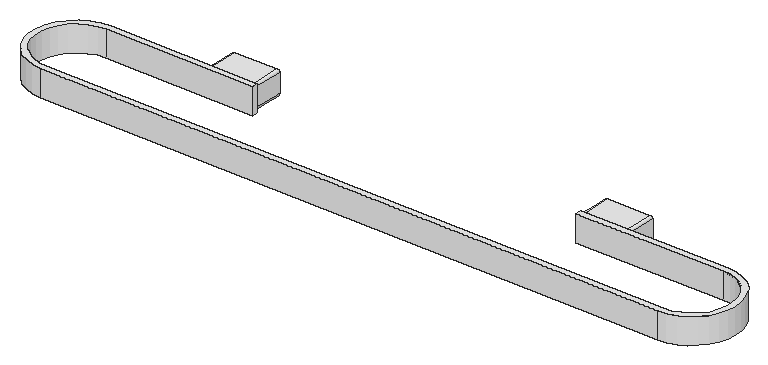
Revit family "rba-bim-rba1643-114", category Plumbing Fixtures, Revit 2016
Family settings
  Part Type = Normal
  Round Connector Dimension = Use Diameter
  Work Plane-Based = No
  Always vertical = Yes
  Cut with Voids When Loaded = No
  Shared = Yes
  Room Calculation Point = No
Parameters (values of type "RBA1643-114")
  Watermarked By = "www.rba.com.au"
  Waste Connection = yes
  Vent Connection = yes
  URL = ""
  Phone Number = "1300 788 778"
  Modified Issue = "20190225.01"
  Model = "RBA1643-114"
  Materials and Finishes = Chrome Plated Brass
  Manufacturer Model = ""
  Manufacturer = "RBA Group"  # constant formula
  HW Connection = yes
  Description = "äska Towel Rail #2"
  Copyright by = "RBA Group"  # constant formula
  CW Connection = yes
Reference planes
  plane 1 "Center (Front/Back)": y = 0
  plane 2: z = 0
  plane 3 "Center (Left/Right)": x = 0
  plane 4: x = -300
  plane 5: x = 300
  plane 6: x = -138
  plane 7: x = 138
Forms (mm)
  Extrusion 1, solid, material "Chrome Plated Brass" <- "Materials and Finishes"
    sketch origin (-2.5, 0, 0) x (1, 0, 0) y (0, 0, 1)
      loop
        arc (-174.5, 21) -> (-175.914, 20.414) -> (-176.5, 19) r 2
        line (-176.5, 19) -> (-176.5, 3)
        arc (-176.5, 3) -> (-175.914, 1.586) -> (-174.5, 1) r 2
        line (-174.5, 1) -> (-138.5, 1)
        arc (-138.5, 1) -> (-137.086, 1.586) -> (-136.5, 3) r 2
        line (-136.5, 3) -> (-136.5, 19)
        arc (-136.5, 19) -> (-137.086, 20.414) -> (-138.5, 21) r 2
        line (-138.5, 21) -> (-174.5, 21)
      loop
        line (179.5, 21) -> (143.5, 21)
        arc (143.5, 21) -> (142.086, 20.414) -> (141.5, 19) r 2
        line (141.5, 19) -> (141.5, 3)
        arc (141.5, 3) -> (142.086, 1.586) -> (143.5, 1) r 2
        line (143.5, 1) -> (179.5, 1)
        arc (179.5, 1) -> (180.914, 1.586) -> (181.5, 3) r 2
        line (181.5, 3) -> (181.5, 19)
        arc (181.5, 19) -> (180.914, 20.414) -> (179.5, 21) r 2
    from 0 to 25
  Extrusion 2, solid, material "Chrome Plated Brass" <- "Materials and Finishes"
    sketch origin (0, 0, 0) x (1, 0, 0) y (0, 1, 0)
      loop
        arc (-263, -25) -> (-300, -62) -> (-263, -99) r 37
        line (-263, -99) -> (263, -99)
        arc (263, -99) -> (300, -62) -> (263, -25) r 37
        line (263, -25) -> (138, -25) -> (138, -30) -> (263, -30)
        arc (263, -30) -> (295, -62) -> (263, -94) r 32
        line (263, -94) -> (-263, -94)
        arc (-263, -94) -> (-295, -62) -> (-263, -30) r 32
        line (-263, -30) -> (-138, -30) -> (-138, -25) -> (-263, -25)
    from 0 to 22
Dimensions and locks
  aligned and locked: plane 2 to level
